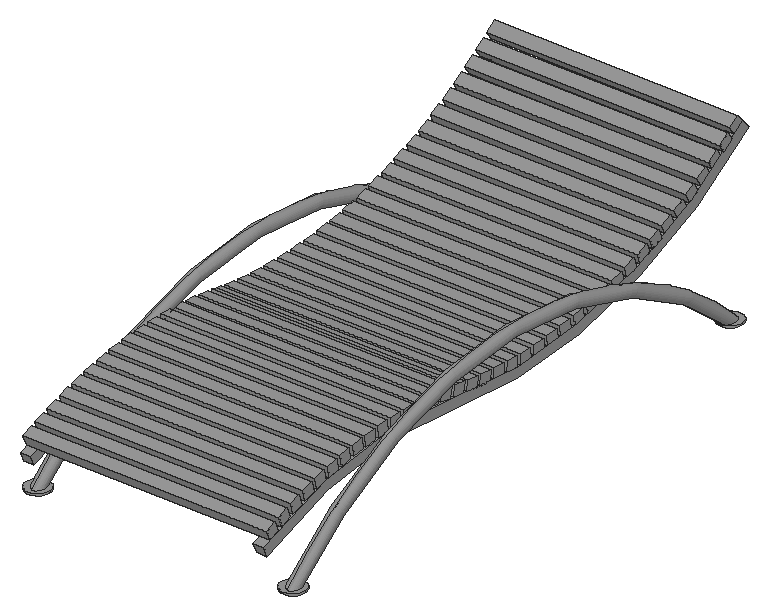
Revit family "9980 Парковый лежак 4 Хоббика", category Антураж, Revit 2018
Family settings
  На основе рабочей плоскости = Нет
  Всегда вертикально = Да
  При загрузке вырезать с полостями = Нет
  Источник визуального образа = Геометрия семейства
  Общий = Нет
  Точка расчета площади = Нет
Parameters (values of type "Парковый лежак 4")
  Ширина = 2042 mm  # constant formula
  Цвет отделки = Дерево
  Цвет каркаса = Сталь
  Описание = "Парковый лежак 4"  # constant formula
  Материал изделия = "Сталь, дерево"  # constant formula
  Изображение типоразмера = Парковый лежак 4 Арт 9980.jpg
  Изготовитель = "ООО «Хоббика»"  # constant formula
  Длина = 890 mm  # constant formula
  Группа модели = "Лежаки и шезлонги"  # constant formula
  Высота = 580 mm  # constant formula
  Артикул товара = "Арт. 9980"  # constant formula
  URL = "https://hobbyka.ru/product/parkovyy_lezhak_4"
Reference planes
  plane 1 "По центру (Вперед/Назад)": y = 0
  plane 2: z = 0
  plane 3 "По центру (Влево/Вправо)": x = 0
  plane 4: x = 890
  plane 5: y = 2042
  plane 6: z = 580
Forms (mm)
  Sweep 1, solid, material "Сталь" <- "Цвет каркаса"
    path origin (0, 0, 0) x (0, 1, 0) y (0, 0, 1)
      loop
        arc (1968.317, -26.317) -> (1033.144, 369.358) -> (97.278, -24.678) r 1305.676
    profile origin (0, 1033.144, 369.358) x (0, -0.000876, -1) y (1, 0, 0)
      loop
        circle (0, 20) r 20
  Extrusion 2, void
    sketch origin (0, 0, 0) x (0, 1, 0) y (0, 0, 1)
      loop
        line (183.278, 0) -> (58.278, 0) -> (58.278, -50) -> (183.278, -50) -> (183.278, 0)
      loop
        line (2008.817, 0) -> (1883.817, 0) -> (1883.817, -45) -> (2008.817, -45) -> (2008.817, 0)
    from 0 to 66.422
  Extrusion 3, void
    sketch origin (0, 0, 0) x (0, 1, 0) y (0, 0, 1)
      loop
        line (183.278, 0) -> (58.278, 0) -> (58.278, -50) -> (183.278, -50) -> (183.278, 0)
      loop
        line (2008.817, 0) -> (1883.817, 0) -> (1883.817, -45) -> (2008.817, -45) -> (2008.817, 0)
    from 825.6 to 890
  Sweep 4, solid, material "Сталь" <- "Цвет каркаса"
    path origin (850, 0, 0) x (0, 1, 0) y (0, 0, 1)
      loop
        arc (1968.317, -26.317) -> (1033.144, 369.358) -> (97.278, -24.678) r 1305.676
    profile origin (850, 1033.144, 369.358) x (0, -0.000876, -1) y (1, 0, 0)
      loop
        circle (0, 20) r 20
  Extrusion 5, solid, material "Сталь"
    sketch origin (0, 0, 0) x (1, 0, 0) y (0, 1, 0)
      loop
        circle (20, 1941.767) r 40
      loop
        circle (870, 1941.767) r 40
      loop
        circle (20, 122.233) r 40
      loop
        circle (870, 122.233) r 40
    from 0 to 5
  Extrusion 6, solid, material "Сталь" <- "Цвет каркаса"
    sketch origin (0, 0, 0) x (0, 1, 0) y (0, 0, 1)
      loop
        arc (834.317, 255.575) -> (421.862, 267.53) -> (24.551, 156.15) r 1370.189
        line (24.551, 156.15) -> (38.965, 124.256)
        arc (38.965, 124.256) -> (426.124, 232.791) -> (828.039, 221.143) r 1335.189
        arc (828.039, 221.143) -> (1467.833, 241.802) -> (2042, 524.811) r 1515.204
        line (2042, 524.811) -> (2020.244, 552.228)
        arc (2020.244, 552.228) -> (1459.335, 275.755) -> (834.317, 255.575) r 1480.204
    from 40 to 75
  Extrusion 7, solid, material "Сталь" <- "Цвет каркаса"
    sketch origin (0, 0, 0) x (0, 1, 0) y (0, 0, 1)
      loop
        arc (834.317, 255.575) -> (421.862, 267.53) -> (24.551, 156.15) r 1370.189
        line (24.551, 156.15) -> (38.965, 124.256)
        arc (38.965, 124.256) -> (426.124, 232.791) -> (828.039, 221.143) r 1335.189
        arc (828.039, 221.143) -> (1467.833, 241.802) -> (2042, 524.811) r 1515.204
        line (2042, 524.811) -> (2020.244, 552.228)
        arc (2020.244, 552.228) -> (1459.335, 275.755) -> (834.317, 255.575) r 1480.204
    from 815 to 850
  Extrusion 8, solid, material "Дерево" <- "Цвет отделки"
    sketch origin (0, 0, 0) x (0, 1, 0) y (0, 0, 1)
      loop
        line (2019.941, 552.61) -> (1998.487, 579.644)
        arc (1998.487, 579.644) -> (1982.735, 567.321) -> (1966.814, 555.217) r 1445.204
        line (1966.814, 555.217) -> (1987.518, 527.589)
        arc (1987.518, 527.589) -> (2003.816, 539.987) -> (2019.941, 552.61) r 1480.204
      loop
        arc (834.317, 255.575) -> (844.593, 253.741) -> (854.882, 251.98) r 1480.204
        line (854.882, 251.98) -> (860.68, 286.487)
        arc (860.68, 286.487) -> (850.938, 288.158) -> (841.208, 289.895) r 1445.204
        arc (841.208, 289.895) -> (831.248, 291.677) -> (821.276, 293.386) r 1405.189
        line (821.276, 293.386) -> (814.521, 259.03)
        arc (814.521, 259.03) -> (824.425, 257.339) -> (834.317, 255.575) r 1370.189
      loop
        arc (1954.764, 546.284) -> (1938.555, 534.569) -> (1922.185, 523.079) r 1445.204
        line (1922.185, 523.079) -> (1941.832, 494.67)
        arc (1941.832, 494.67) -> (1958.59, 506.439) -> (1975.183, 518.439) r 1480.204
        line (1975.183, 518.439) -> (1954.764, 546.284)
      loop
        arc (1909.804, 514.611) -> (1893.16, 503.521) -> (1876.365, 492.663) r 1445.204
        line (1876.365, 492.663) -> (1894.927, 463.511)
        arc (1894.927, 463.511) -> (1912.12, 474.635) -> (1929.158, 485.995) r 1480.204
        line (1929.158, 485.995) -> (1909.804, 514.611)
      loop
        arc (1863.67, 484.672) -> (1846.617, 474.223) -> (1829.42, 464.012) r 1445.204
        line (1829.42, 464.012) -> (1846.869, 434.159)
        arc (1846.869, 434.159) -> (1864.473, 444.621) -> (1881.931, 455.325) r 1480.204
        line (1881.931, 455.325) -> (1863.67, 484.672)
      loop
        arc (1816.431, 456.51) -> (1798.992, 446.718) -> (1781.42, 437.168) r 1445.204
        line (1781.42, 437.168) -> (1797.729, 406.656)
        arc (1797.729, 406.656) -> (1815.719, 416.441) -> (1833.572, 426.473) r 1480.204
        line (1833.572, 426.473) -> (1816.431, 456.51)
      loop
        arc (1768.155, 430.165) -> (1750.356, 421.044) -> (1732.433, 412.169) r 1445.204
        line (1732.433, 412.169) -> (1747.578, 381.042)
        arc (1747.578, 381.042) -> (1765.927, 390.135) -> (1784.149, 399.481) r 1480.204
        line (1784.149, 399.481) -> (1768.155, 430.165)
      loop
        arc (1718.911, 405.677) -> (1700.778, 397.239) -> (1682.531, 389.053) r 1445.204
        line (1682.531, 389.053) -> (1696.488, 357.353)
        arc (1696.488, 357.353) -> (1715.17, 365.742) -> (1733.735, 374.389) r 1480.204
        line (1733.735, 374.389) -> (1718.911, 405.677)
      loop
        arc (1668.771, 383.079) -> (1650.331, 375.338) -> (1631.785, 367.852) r 1445.204
        line (1631.785, 367.852) -> (1644.534, 335.625)
        arc (1644.534, 335.625) -> (1663.522, 343.297) -> (1682.402, 351.232) r 1480.204
        line (1682.402, 351.232) -> (1668.771, 383.079)
      loop
        arc (1617.808, 362.406) -> (1599.086, 355.372) -> (1580.269, 348.597) r 1445.204
        line (1580.269, 348.597) -> (1591.79, 315.888)
        arc (1591.79, 315.888) -> (1611.056, 322.833) -> (1630.224, 330.043) r 1480.204
        line (1630.224, 330.043) -> (1617.808, 362.406)
      loop
        arc (1566.095, 343.687) -> (1547.119, 337.37) -> (1528.058, 331.316) r 1445.204
        line (1528.058, 331.316) -> (1538.332, 298.172)
        arc (1538.332, 298.172) -> (1557.849, 304.379) -> (1577.278, 310.855) r 1480.204
        line (1577.278, 310.855) -> (1566.095, 343.687)
      loop
        arc (1513.707, 326.949) -> (1494.505, 321.359) -> (1475.227, 316.034) r 1445.204
        line (1475.227, 316.034) -> (1484.238, 282.502)
        arc (1484.238, 282.502) -> (1503.977, 287.962) -> (1523.639, 293.694) r 1480.204
        line (1523.639, 293.694) -> (1513.707, 326.949)
      loop
        arc (1460.721, 312.216) -> (1441.319, 307.361) -> (1421.853, 302.774) r 1445.204
        line (1421.853, 302.774) -> (1429.587, 268.901)
        arc (1429.587, 268.901) -> (1449.52, 273.606) -> (1469.386, 278.587) r 1480.204
        line (1469.386, 278.587) -> (1460.721, 312.216)
      loop
        arc (1407.212, 299.51) -> (1387.64, 295.396) -> (1368.013, 291.553) r 1445.204
        line (1368.013, 291.553) -> (1374.457, 257.388)
        arc (1374.457, 257.388) -> (1394.555, 261.332) -> (1414.596, 265.553) r 1480.204
        line (1414.596, 265.553) -> (1407.212, 299.51)
      loop
        arc (1353.258, 288.85) -> (1333.544, 285.483) -> (1313.785, 282.39) r 1445.204
        line (1313.785, 282.39) -> (1318.928, 247.981)
        arc (1318.928, 247.981) -> (1339.161, 251.157) -> (1359.349, 254.613) r 1480.204
        line (1359.349, 254.613) -> (1353.258, 288.85)
      loop
        arc (1298.938, 280.249) -> (1279.11, 277.635) -> (1259.248, 275.296) r 1445.204
        line (1259.248, 275.296) -> (1263.08, 240.693)
        arc (1263.08, 240.693) -> (1283.42, 243.098) -> (1303.725, 245.783) r 1480.204
        line (1303.725, 245.783) -> (1298.938, 280.249)
      loop
        arc (1244.33, 273.722) -> (1224.417, 271.864) -> (1204.48, 270.282) r 1445.204
        line (1204.48, 270.282) -> (1206.995, 235.535)
        arc (1206.995, 235.535) -> (1227.412, 237.164) -> (1247.805, 239.075) r 1480.204
        line (1247.805, 239.075) -> (1244.33, 273.722)
      loop
        arc (1189.514, 269.277) -> (1169.544, 268.178) -> (1149.561, 267.356) r 1445.204
        line (1149.561, 267.356) -> (1150.753, 232.514)
        arc (1150.753, 232.514) -> (1171.218, 233.365) -> (1191.669, 234.499) r 1480.204
        line (1191.669, 234.499) -> (1189.514, 269.277)
      loop
        arc (1134.567, 266.921) -> (1114.57, 266.583) -> (1094.571, 266.521) r 1445.204
        line (1094.571, 266.521) -> (1094.436, 231.635)
        arc (1094.436, 231.635) -> (1114.919, 231.707) -> (1135.398, 232.062) r 1480.204
        line (1135.398, 232.062) -> (1134.567, 266.921)
      loop
        arc (1079.571, 266.657) -> (1059.576, 267.08) -> (1039.588, 267.78) r 1445.204
        line (1039.588, 267.78) -> (1038.126, 232.9)
        arc (1038.126, 232.9) -> (1058.596, 232.192) -> (1079.075, 231.768) r 1480.204
        line (1079.075, 231.768) -> (1079.571, 266.657)
      loop
        arc (1024.605, 268.486) -> (1004.64, 269.669) -> (984.694, 271.129) r 1445.204
        line (984.694, 271.129) -> (981.903, 236.306)
        arc (981.903, 236.306) -> (1002.332, 234.82) -> (1022.78, 233.616) r 1480.204
        line (1022.78, 233.616) -> (1024.605, 268.486)
      loop
        arc (969.748, 272.405) -> (949.843, 274.347) -> (929.966, 276.564) r 1445.204
        line (929.966, 276.564) -> (925.85, 241.848)
        arc (925.85, 241.848) -> (946.208, 239.586) -> (966.596, 237.606) r 1480.204
        line (966.596, 237.606) -> (969.748, 272.405)
      loop
        arc (915.08, 278.408) -> (895.263, 281.106) -> (875.485, 284.078) r 1445.204
        line (875.485, 284.078) -> (870.047, 249.519)
        arc (870.047, 249.519) -> (890.305, 246.484) -> (910.603, 243.73) r 1480.204
        line (910.603, 243.73) -> (915.08, 278.408)
      loop
        arc (806.453, 295.791) -> (786.673, 298.748) -> (766.853, 301.422) r 1405.189
        line (766.853, 301.422) -> (762.419, 266.704)
        arc (762.419, 266.704) -> (780.895, 264.217) -> (799.336, 261.478) r 1370.189
        line (799.336, 261.478) -> (806.453, 295.791)
      loop
        arc (751.964, 303.243) -> (732.936, 305.336) -> (713.882, 307.169) r 1405.189
        line (713.882, 307.169) -> (710.767, 272.308)
        arc (710.767, 272.308) -> (729.347, 270.52) -> (747.901, 268.48) r 1370.189
        line (747.901, 268.48) -> (751.964, 303.243)
      loop
        arc (698.934, 308.424) -> (679.841, 309.793) -> (660.731, 310.903) r 1405.189
        line (660.731, 310.903) -> (658.94, 275.949)
        arc (658.94, 275.949) -> (677.574, 274.867) -> (696.192, 273.531) r 1370.189
        line (696.192, 273.531) -> (698.934, 308.424)
      loop
        arc (645.747, 311.59) -> (626.615, 312.235) -> (607.477, 312.62) r 1405.189
        line (607.477, 312.62) -> (607.012, 277.623)
        arc (607.012, 277.623) -> (625.674, 277.248) -> (644.329, 276.619) r 1370.189
        line (644.329, 276.619) -> (645.747, 311.59)
      loop
        arc (592.477, 312.738) -> (573.335, 312.657) -> (554.196, 312.316) r 1405.189
        line (554.196, 312.316) -> (555.059, 277.327)
        arc (555.059, 277.327) -> (573.721, 277.66) -> (592.387, 277.738) r 1370.189
        line (592.387, 277.738) -> (592.477, 312.738)
      loop
        arc (539.202, 311.866) -> (520.077, 311.059) -> (500.964, 309.993) r 1405.189
        line (500.964, 309.993) -> (503.153, 275.061)
        arc (503.153, 275.061) -> (521.79, 276.101) -> (540.439, 276.888) r 1370.189
        line (540.439, 276.888) -> (539.202, 311.866)
      loop
        arc (485.999, 308.975) -> (466.918, 307.444) -> (447.86, 305.653) r 1405.189
        line (447.86, 305.653) -> (451.371, 270.829)
        arc (451.371, 270.829) -> (469.955, 272.576) -> (488.561, 274.068) r 1370.189
        line (488.561, 274.068) -> (485.999, 308.975)
      loop
        arc (432.944, 304.068) -> (413.934, 301.815) -> (394.957, 299.303) r 1405.189
        line (394.957, 299.303) -> (399.787, 264.638)
        arc (399.787, 264.638) -> (418.291, 267.087) -> (436.827, 269.284) r 1370.189
        line (436.827, 269.284) -> (432.944, 304.068)
      loop
        arc (380.112, 297.154) -> (361.202, 294.182) -> (342.334, 290.952) r 1405.189
        line (342.334, 290.952) -> (348.474, 256.495)
        arc (348.474, 256.495) -> (366.872, 259.644) -> (385.311, 262.542) r 1370.189
        line (385.311, 262.542) -> (380.112, 297.154)
      loop
        arc (327.581, 288.242) -> (308.797, 284.555) -> (290.065, 280.612) r 1405.189
        line (290.065, 280.612) -> (297.507, 246.412)
        arc (297.507, 246.412) -> (315.772, 250.257) -> (334.088, 253.852) r 1370.189
        line (334.088, 253.852) -> (327.581, 288.242)
      loop
        arc (275.425, 277.345) -> (256.795, 272.948) -> (238.226, 268.298) r 1405.189
        line (238.226, 268.298) -> (246.959, 234.405)
        arc (246.959, 234.405) -> (265.065, 238.939) -> (283.232, 243.226) r 1370.189
        line (283.232, 243.226) -> (275.425, 277.345)
      loop
        arc (223.72, 264.478) -> (205.27, 259.378) -> (186.891, 254.028) r 1405.189
        line (186.891, 254.028) -> (196.902, 220.49)
        arc (196.902, 220.49) -> (214.824, 225.707) -> (232.815, 230.68) r 1370.189
        line (232.815, 230.68) -> (223.72, 264.478)
      loop
        arc (172.54, 249.66) -> (154.296, 243.865) -> (136.133, 237.821) r 1405.189
        line (136.133, 237.821) -> (147.409, 204.687)
        arc (147.409, 204.687) -> (165.12, 210.58) -> (182.91, 216.231) r 1370.189
        line (182.91, 216.231) -> (172.54, 249.66)
      loop
        arc (121.959, 232.913) -> (103.948, 226.43) -> (86.027, 219.702) r 1405.189
        line (86.027, 219.702) -> (98.551, 187.02)
        arc (98.551, 187.02) -> (116.025, 193.58) -> (133.588, 199.901) r 1370.189
        line (133.588, 199.901) -> (121.959, 232.913)
      loop
        arc (72.049, 214.26) -> (54.296, 207.099) -> (36.643, 199.697) r 1405.189
        line (36.643, 199.697) -> (50.397, 167.512)
        arc (50.397, 167.512) -> (67.611, 174.73) -> (84.921, 181.713) r 1370.189
        line (84.921, 181.713) -> (72.049, 214.26)
    from 40 to 850
Cuts and joins
  Extrusion 2 cuts Sweep 1
  Extrusion 3 cuts Sweep 4
Dimensions and locks
  "Длина": plane 3 "По центру (Влево/Вправо)" to plane 4
  "Ширина": plane 5 to plane 1 "По центру (Вперед/Назад)"
  "Высота": plane 6 to plane 2
  aligned and locked: level to plane 2
Automatic sketch dimensions
  Sweep 1 sketch curve to plane 5 = 1010 mm
  Sweep 1 sketch curve to level = 936.317 mm
  Sweep 1 sketch curve to level = 24.678 mm
  Sweep 1 sketch curve to plane 1 "По центру (Вперед/Назад)" = 97.278 mm
  Sweep 1 sketch curve to level = 26.317 mm
  Sweep 1 sketch curve to profile plane = 0 mm
  plane 3 "По центру (Влево/Вправо)" to Sweep 1 sketch curve = 20 mm
  Extrusion 2 sketch curve to level = 0 mm
  level to Extrusion 2 sketch curve = 0 mm
  Extrusion 2 sketch curve to plane 1 "По центру (Вперед/Назад)" = 58.278 mm
  Extrusion 2 sketch curve to level = 50 mm
  Extrusion 2 sketch curve to Extrusion 2 sketch curve = 125 mm
  Extrusion 2 sketch curve to level = 45 mm
  Extrusion 2 sketch curve to plane 5 = 158.183 mm
  Extrusion 2 sketch curve to plane 5 = 33.183 mm
  Extrusion 3 sketch curve to level = 0 mm
  level to Extrusion 3 sketch curve = 0 mm
  Extrusion 3 sketch curve to plane 1 "По центру (Вперед/Назад)" = 58.278 mm
  Extrusion 3 sketch curve to level = 50 mm
  Extrusion 3 sketch curve to Extrusion 3 sketch curve = 125 mm
  Extrusion 3 sketch curve to level = 45 mm
  Extrusion 3 sketch curve to plane 5 = 158.183 mm
  Extrusion 3 sketch curve to plane 5 = 33.183 mm
  Sweep 4 sketch curve to plane 5 = 1010 mm
  Sweep 4 sketch curve to level = 936.317 mm
  Sweep 4 sketch curve to level = 24.678 mm
  Sweep 4 sketch curve to plane 1 "По центру (Вперед/Назад)" = 97.278 mm
  Sweep 4 sketch curve to level = 26.317 mm
  Sweep 4 sketch curve to profile plane = 0 mm
  profile plane to Sweep 4 sketch curve = 20 mm
  plane 3 "По центру (Влево/Вправо)" to Extrusion 5 sketch curve = 20 mm  (x2)
  Extrusion 5 sketch curve to plane 4 = 20 mm  (x2)
  Extrusion 5 sketch curve to plane 1 "По центру (Вперед/Назад)" = 122.233 mm  (x2)
  Extrusion 5 sketch curve to plane 5 = 100.233 mm  (x2)
  Extrusion 6 sketch curve to Extrusion 6 sketch curve = 0 mm  (x4)
  Extrusion 6 sketch curve to plane 5 = 0 mm
  Extrusion 6 sketch curve to plane 5 = 21.756 mm
  Extrusion 6 sketch curve to plane 5 = 941.862 mm
  Extrusion 6 sketch curve to plane 1 "По центру (Вперед/Назад)" = 588.842 mm
  Extrusion 6 sketch curve to plane 1 "По центру (Вперед/Назад)" = 38.965 mm
  Extrusion 6 sketch curve to plane 1 "По центру (Вперед/Назад)" = 24.551 mm
  Extrusion 6 sketch curve to level = 1092.446 mm
  level to Extrusion 6 sketch curve = 124.256 mm
  Extrusion 6 sketch curve to Extrusion 6 sketch curve = 31.894 mm
  level to Extrusion 6 sketch curve = 524.811 mm
  Extrusion 6 sketch curve to Extrusion 6 sketch curve = 27.417 mm
  Extrusion 6 sketch curve to Extrusion 6 sketch curve = 1159.487 mm
  Extrusion 7 sketch curve to Extrusion 7 sketch curve = 0 mm  (x4)
  Extrusion 7 sketch curve to plane 5 = 0 mm
  Extrusion 7 sketch curve to plane 5 = 21.756 mm
  Extrusion 7 sketch curve to plane 5 = 941.862 mm
  Extrusion 7 sketch curve to plane 1 "По центру (Вперед/Назад)" = 588.842 mm
  Extrusion 7 sketch curve to plane 1 "По центру (Вперед/Назад)" = 38.965 mm
  Extrusion 7 sketch curve to plane 1 "По центру (Вперед/Назад)" = 24.551 mm
  Extrusion 7 sketch curve to level = 1092.446 mm
  level to Extrusion 7 sketch curve = 124.256 mm
  Extrusion 7 sketch curve to Extrusion 7 sketch curve = 31.894 mm
  level to Extrusion 7 sketch curve = 524.811 mm
  Extrusion 7 sketch curve to Extrusion 7 sketch curve = 27.417 mm
  Extrusion 7 sketch curve to Extrusion 7 sketch curve = 1159.487 mm
  Extrusion 8 sketch curve to Extrusion 8 sketch curve = 0.638 mm
  Extrusion 8 sketch curve to plane 6 = 0.356 mm
  Extrusion 8 sketch curve to plane 5 = 43.513 mm
  Extrusion 8 sketch curve to plane 5 = 22.059 mm
  Extrusion 8 sketch curve to plane 6 = 27.39 mm
  Extrusion 8 sketch curve to Extrusion 8 sketch curve = 0.116 mm
  Extrusion 8 sketch curve to plane 6 = 267.684 mm
  Extrusion 8 sketch curve to Extrusion 8 sketch curve = 0.863 mm
  Extrusion 8 sketch curve to plane 6 = 268.134 mm
  level to Extrusion 8 sketch curve = 275.061 mm
  Extrusion 8 sketch curve to plane 6 = 270.007 mm
  level to Extrusion 8 sketch curve = 274.068 mm
  Extrusion 8 sketch curve to plane 6 = 271.025 mm
  level to Extrusion 8 sketch curve = 270.829 mm
  level to Extrusion 8 sketch curve = 269.284 mm
  Extrusion 8 sketch curve to plane 6 = 275.932 mm
  level to Extrusion 8 sketch curve = 264.638 mm
  level to Extrusion 8 sketch curve = 262.542 mm
  level to Extrusion 8 sketch curve = 256.495 mm
  level to Extrusion 8 sketch curve = 253.852 mm
  level to Extrusion 8 sketch curve = 246.412 mm
  Extrusion 8 sketch curve to Extrusion 8 sketch curve = 14.64 mm
  Extrusion 8 sketch curve to Extrusion 8 sketch curve = 8.733 mm
  Extrusion 8 sketch curve to Extrusion 8 sketch curve = 14.505 mm
  Extrusion 8 sketch curve to Extrusion 8 sketch curve = 35.913 mm
  Extrusion 8 sketch curve to Extrusion 8 sketch curve = 10.012 mm
  Extrusion 8 sketch curve to Extrusion 8 sketch curve = 13.993 mm
  Extrusion 8 sketch curve to Extrusion 8 sketch curve = 14.35 mm  (x2)
  Extrusion 8 sketch curve to Extrusion 8 sketch curve = 11.276 mm
  Extrusion 8 sketch curve to Extrusion 8 sketch curve = 12.524 mm
  Extrusion 8 sketch curve to Extrusion 8 sketch curve = 13.63 mm
  Extrusion 8 sketch curve to Extrusion 8 sketch curve = 13.754 mm
  Extrusion 8 sketch curve to plane 1 "По центру (Вперед/Назад)" = 36.643 mm
  level to Extrusion 8 sketch curve = 277.738 mm
  Extrusion 8 sketch curve to plane 6 = 267.262 mm
  level to Extrusion 8 sketch curve = 277.623 mm
  Extrusion 8 sketch curve to plane 6 = 267.38 mm
  level to Extrusion 8 sketch curve = 276.619 mm
  Extrusion 8 sketch curve to plane 6 = 268.41 mm
  level to Extrusion 8 sketch curve = 275.949 mm
  Extrusion 8 sketch curve to plane 6 = 269.097 mm
  level to Extrusion 8 sketch curve = 273.531 mm
  Extrusion 8 sketch curve to plane 6 = 271.576 mm
  level to Extrusion 8 sketch curve = 272.308 mm
  Extrusion 8 sketch curve to plane 6 = 272.831 mm
  level to Extrusion 8 sketch curve = 268.48 mm
  Extrusion 8 sketch curve to plane 6 = 276.757 mm
  level to Extrusion 8 sketch curve = 266.704 mm
  Extrusion 8 sketch curve to plane 6 = 278.578 mm
  level to Extrusion 8 sketch curve = 261.478 mm
  Extrusion 8 sketch curve to Extrusion 8 sketch curve = 34.981 mm
  Extrusion 8 sketch curve to plane 6 = 284.209 mm
  level to Extrusion 8 sketch curve = 259.03 mm
  Extrusion 8 sketch curve to Extrusion 8 sketch curve = 15.185 mm
  level to Extrusion 8 sketch curve = 251.98 mm
  level to Extrusion 8 sketch curve = 286.487 mm
  level to Extrusion 8 sketch curve = 249.519 mm
  level to Extrusion 8 sketch curve = 284.078 mm
  level to Extrusion 8 sketch curve = 243.73 mm
  level to Extrusion 8 sketch curve = 278.408 mm
  level to Extrusion 8 sketch curve = 241.848 mm
  level to Extrusion 8 sketch curve = 276.564 mm
  level to Extrusion 8 sketch curve = 237.606 mm
  level to Extrusion 8 sketch curve = 272.405 mm
  level to Extrusion 8 sketch curve = 236.306 mm
  level to Extrusion 8 sketch curve = 271.129 mm
  level to Extrusion 8 sketch curve = 233.616 mm
  level to Extrusion 8 sketch curve = 268.486 mm
  level to Extrusion 8 sketch curve = 232.9 mm
  level to Extrusion 8 sketch curve = 267.78 mm
  level to Extrusion 8 sketch curve = 231.768 mm
  level to Extrusion 8 sketch curve = 266.657 mm
  level to Extrusion 8 sketch curve = 231.635 mm
  level to Extrusion 8 sketch curve = 266.521 mm
  level to Extrusion 8 sketch curve = 266.921 mm
  level to Extrusion 8 sketch curve = 232.062 mm
  level to Extrusion 8 sketch curve = 267.356 mm
  level to Extrusion 8 sketch curve = 232.514 mm
  level to Extrusion 8 sketch curve = 269.277 mm
  level to Extrusion 8 sketch curve = 234.499 mm
  level to Extrusion 8 sketch curve = 270.282 mm
  level to Extrusion 8 sketch curve = 235.535 mm
  level to Extrusion 8 sketch curve = 273.722 mm
  level to Extrusion 8 sketch curve = 239.075 mm
  level to Extrusion 8 sketch curve = 275.296 mm
  level to Extrusion 8 sketch curve = 240.693 mm
  level to Extrusion 8 sketch curve = 280.249 mm
  level to Extrusion 8 sketch curve = 245.783 mm
  level to Extrusion 8 sketch curve = 282.39 mm
  level to Extrusion 8 sketch curve = 247.981 mm
  level to Extrusion 8 sketch curve = 254.613 mm
  Extrusion 8 sketch curve to plane 6 = 288.447 mm
  level to Extrusion 8 sketch curve = 257.388 mm
  level to Extrusion 8 sketch curve = 265.553 mm
  Extrusion 8 sketch curve to plane 6 = 277.226 mm
  level to Extrusion 8 sketch curve = 268.901 mm
  Extrusion 8 sketch curve to plane 6 = 267.784 mm
  level to Extrusion 8 sketch curve = 278.587 mm
  Extrusion 8 sketch curve to plane 6 = 263.966 mm
  Extrusion 8 sketch curve to plane 6 = 253.051 mm
  Extrusion 8 sketch curve to plane 6 = 248.684 mm
  Extrusion 8 sketch curve to plane 6 = 236.313 mm
  Extrusion 8 sketch curve to plane 6 = 269.145 mm
  Extrusion 8 sketch curve to plane 6 = 231.403 mm
  Extrusion 8 sketch curve to plane 6 = 264.112 mm
  Extrusion 8 sketch curve to plane 6 = 217.594 mm
  Extrusion 8 sketch curve to plane 6 = 249.957 mm
  Extrusion 8 sketch curve to plane 6 = 212.148 mm
  Extrusion 8 sketch curve to plane 6 = 244.375 mm
  Extrusion 8 sketch curve to plane 6 = 196.921 mm
  Extrusion 8 sketch curve to plane 6 = 228.768 mm
  Extrusion 8 sketch curve to plane 6 = 190.947 mm
  Extrusion 8 sketch curve to plane 6 = 222.647 mm
  Extrusion 8 sketch curve to plane 6 = 174.323 mm
  Extrusion 8 sketch curve to plane 6 = 167.831 mm
  Extrusion 8 sketch curve to plane 6 = 205.611 mm
  Extrusion 8 sketch curve to plane 6 = 198.958 mm
  Extrusion 8 sketch curve to plane 6 = 149.835 mm
  Extrusion 8 sketch curve to plane 6 = 142.832 mm
  Extrusion 8 sketch curve to plane 6 = 180.519 mm
  Extrusion 8 sketch curve to plane 6 = 173.344 mm
  Extrusion 8 sketch curve to plane 6 = 123.49 mm
  Extrusion 8 sketch curve to plane 6 = 115.988 mm
  Extrusion 8 sketch curve to plane 6 = 153.527 mm
  Extrusion 8 sketch curve to plane 6 = 145.841 mm
  Extrusion 8 sketch curve to plane 6 = 95.328 mm
  Extrusion 8 sketch curve to plane 6 = 87.337 mm
  Extrusion 8 sketch curve to plane 6 = 124.675 mm
  Extrusion 8 sketch curve to plane 6 = 116.489 mm
  Extrusion 8 sketch curve to plane 6 = 65.389 mm
  Extrusion 8 sketch curve to plane 6 = 56.921 mm
  Extrusion 8 sketch curve to plane 6 = 94.005 mm
  Extrusion 8 sketch curve to plane 6 = 85.33 mm
  Extrusion 8 sketch curve to plane 6 = 33.716 mm
  Extrusion 8 sketch curve to plane 6 = 24.783 mm
  Extrusion 8 sketch curve to plane 6 = 61.561 mm
  Extrusion 8 sketch curve to plane 6 = 52.411 mm
  Extrusion 8 sketch curve to Extrusion 8 sketch curve = 11.839 mm
  Extrusion 8 sketch curve to Extrusion 8 sketch curve = 4.908 mm
  Extrusion 8 sketch curve to Extrusion 8 sketch curve = 13.211 mm
  Extrusion 8 sketch curve to Extrusion 8 sketch curve = 5.442 mm
  Extrusion 8 sketch curve to Extrusion 8 sketch curve = 4.786 mm
  Extrusion 8 sketch curve to Extrusion 8 sketch curve = 5.307 mm
  level to Extrusion 8 sketch curve = 167.512 mm
  Extrusion 8 sketch curve to Extrusion 8 sketch curve = 0 mm  (x150)
  Extrusion 8 sketch curve to Extrusion 8 sketch curve = 12.694 mm
  Extrusion 8 sketch curve to Extrusion 8 sketch curve = 13.977 mm
  Extrusion 8 sketch curve to Extrusion 8 sketch curve = 14.512 mm
  Extrusion 8 sketch curve to Extrusion 8 sketch curve = 14.087 mm
  Extrusion 8 sketch curve to Extrusion 8 sketch curve = 13.58 mm
  Extrusion 8 sketch curve to Extrusion 8 sketch curve = 13.297 mm
  Extrusion 8 sketch curve to Extrusion 8 sketch curve = 12.674 mm
  Extrusion 8 sketch curve to Extrusion 8 sketch curve = 12.335 mm
  Extrusion 8 sketch curve to Extrusion 8 sketch curve = 19.932 mm
  Extrusion 8 sketch curve to Extrusion 8 sketch curve = 12.05 mm
  Extrusion 8 sketch curve to Extrusion 8 sketch curve = 31.673 mm
  Extrusion 8 sketch curve to Extrusion 8 sketch curve = 12.381 mm
  Extrusion 8 sketch curve to Extrusion 8 sketch curve = 12.989 mm
  Extrusion 8 sketch curve to Extrusion 8 sketch curve = 13.265 mm
  Extrusion 8 sketch curve to Extrusion 8 sketch curve = 13.522 mm
  Extrusion 8 sketch curve to Extrusion 8 sketch curve = 13.759 mm
  Extrusion 8 sketch curve to Extrusion 8 sketch curve = 14.174 mm  (x2)
  Extrusion 8 sketch curve to Extrusion 8 sketch curve = 9.932 mm
  Extrusion 8 sketch curve to Extrusion 8 sketch curve = 12.995 mm
  Extrusion 8 sketch curve to Extrusion 8 sketch curve = 13.844 mm
  Extrusion 8 sketch curve to Extrusion 8 sketch curve = 14.31 mm
  Extrusion 8 sketch curve to Extrusion 8 sketch curve = 14.693 mm
  Extrusion 8 sketch curve to Extrusion 8 sketch curve = 14.754 mm
  Extrusion 8 sketch curve to Extrusion 8 sketch curve = 14.846 mm
  Extrusion 8 sketch curve to Extrusion 8 sketch curve = 14.917 mm
  Extrusion 8 sketch curve to Extrusion 8 sketch curve = 15.361 mm
  Extrusion 8 sketch curve to Extrusion 8 sketch curve = 15.327 mm
  Extrusion 8 sketch curve to Extrusion 8 sketch curve = 14.991 mm
  Extrusion 8 sketch curve to Extrusion 8 sketch curve = 14.506 mm
  Extrusion 8 sketch curve to Extrusion 8 sketch curve = 8.665 mm
  Extrusion 8 sketch curve to Extrusion 8 sketch curve = 4.478 mm
  Extrusion 8 sketch curve to Extrusion 8 sketch curve = 14.853 mm
  Extrusion 8 sketch curve to Extrusion 8 sketch curve = 7.734 mm
  Extrusion 8 sketch curve to Extrusion 8 sketch curve = 14.641 mm
  Extrusion 8 sketch curve to Extrusion 8 sketch curve = 7.806 mm
  Extrusion 8 sketch curve to Extrusion 8 sketch curve = 3.263 mm
  Extrusion 8 sketch curve to Extrusion 8 sketch curve = 15.108 mm
  Extrusion 8 sketch curve to Extrusion 8 sketch curve = 14.966 mm
  Extrusion 8 sketch curve to Extrusion 8 sketch curve = 14.994 mm
  Extrusion 8 sketch curve to Extrusion 8 sketch curve = 14.999 mm  (x2)
  Extrusion 8 sketch curve to Extrusion 8 sketch curve = 15.355 mm
  Extrusion 8 sketch curve to Extrusion 8 sketch curve = 15.276 mm
  Extrusion 8 sketch curve to Extrusion 8 sketch curve = 15.203 mm
  Extrusion 8 sketch curve to Extrusion 8 sketch curve = 14.946 mm
  Extrusion 8 sketch curve to Extrusion 8 sketch curve = 15.165 mm
  Extrusion 8 sketch curve to Extrusion 8 sketch curve = 15.247 mm
  Extrusion 8 sketch curve to Extrusion 8 sketch curve = 15.307 mm
  Extrusion 8 sketch curve to Extrusion 8 sketch curve = 14.983 mm
  Extrusion 8 sketch curve to Extrusion 8 sketch curve = 15.346 mm
  Extrusion 8 sketch curve to Extrusion 8 sketch curve = 14.886 mm
  Extrusion 8 sketch curve to Extrusion 8 sketch curve = 14.805 mm
  Extrusion 8 sketch curve to Extrusion 8 sketch curve = 14.823 mm
  Extrusion 8 sketch curve to Extrusion 8 sketch curve = 14.544 mm
  Extrusion 8 sketch curve to Extrusion 8 sketch curve = 14.626 mm
  Extrusion 8 sketch curve to Extrusion 8 sketch curve = 14.518 mm
  Extrusion 8 sketch curve to Extrusion 8 sketch curve = 14.889 mm
  Extrusion 8 sketch curve to Extrusion 8 sketch curve = 14.947 mm
  Extrusion 8 sketch curve to Extrusion 8 sketch curve = 14.984 mm
  Extrusion 8 sketch curve to Extrusion 8 sketch curve = 14.993 mm
  Extrusion 8 sketch curve to Extrusion 8 sketch curve = 14.965 mm
  Extrusion 8 sketch curve to Extrusion 8 sketch curve = 14.916 mm
  Extrusion 8 sketch curve to Extrusion 8 sketch curve = 106.259 mm
  Extrusion 8 sketch curve to Extrusion 8 sketch curve = 38.139 mm
  Extrusion 8 sketch curve to Extrusion 8 sketch curve = 19.472 mm
  Extrusion 8 sketch curve to Extrusion 8 sketch curve = 14.575 mm
  Extrusion 8 sketch curve to Extrusion 8 sketch curve = 14.611 mm
  Extrusion 8 sketch curve to Extrusion 8 sketch curve = 14.62 mm
  Extrusion 8 sketch curve to Extrusion 8 sketch curve = 14.593 mm
  Extrusion 8 sketch curve to Extrusion 8 sketch curve = 14.144 mm
  Extrusion 8 sketch curve to Extrusion 8 sketch curve = 14.475 mm
  Extrusion 8 sketch curve to Extrusion 8 sketch curve = 32.184 mm
  Extrusion 8 sketch curve to Extrusion 8 sketch curve = 14.845 mm
  Extrusion 8 sketch curve to Extrusion 8 sketch curve = 2.149 mm
  Extrusion 8 sketch curve to Extrusion 8 sketch curve = 14.753 mm
  Extrusion 8 sketch curve to Extrusion 8 sketch curve = 14.386 mm
  Extrusion 8 sketch curve to Extrusion 8 sketch curve = 6.14 mm
  Extrusion 8 sketch curve to Extrusion 8 sketch curve = 14.275 mm
  Extrusion 8 sketch curve to Extrusion 8 sketch curve = 2.71 mm
  Extrusion 8 sketch curve to Extrusion 8 sketch curve = 3.268 mm
  Extrusion 8 sketch curve to Extrusion 8 sketch curve = 201.583 mm
  Extrusion 8 sketch curve to Extrusion 8 sketch curve = 37.2 mm
  Extrusion 8 sketch curve to Extrusion 8 sketch curve = 3.82 mm
  Extrusion 8 sketch curve to Extrusion 8 sketch curve = 50.581 mm
  Extrusion 8 sketch curve to Extrusion 8 sketch curve = 13.978 mm
  Extrusion 8 sketch curve to Extrusion 8 sketch curve = 3.725 mm
  Extrusion 8 sketch curve to Extrusion 8 sketch curve = 35.406 mm
  Extrusion 8 sketch curve to Extrusion 8 sketch curve = 33.798 mm
  Extrusion 8 sketch curve to Extrusion 8 sketch curve = 13.821 mm
  Extrusion 8 sketch curve to plane 6 = 282.846 mm
  radius of Sweep 1 sketch curve = 20 mm
  radius of Sweep 4 sketch curve = 20 mm
  radius of Extrusion 5 sketch curve = 40 mm  (x4)
